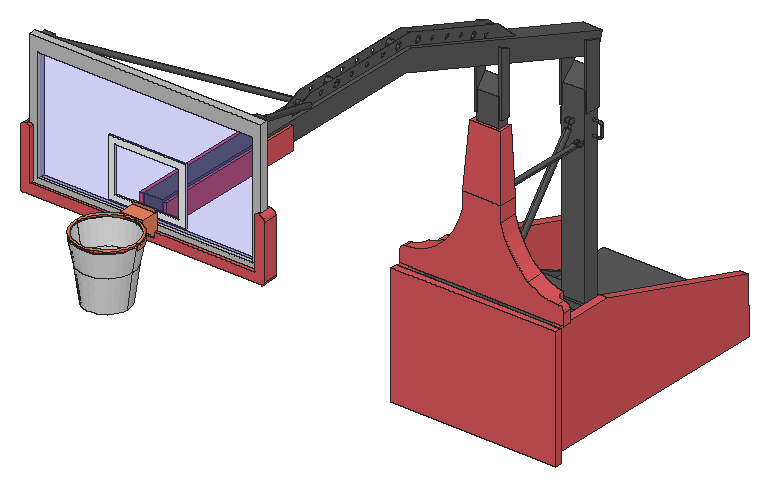
Revit family "Gymnasium-Eqpt_Basketball_IPIbybison_BA8910IG", category Specialty Equipment, Revit 2018 (continued)
Automatic sketch dimensions
  Extrusion 26 sketch curve to plane 4 = 4' - 4.20177"
  Extrusion 26 sketch curve to Extrusion 26 sketch curve = 0' - 0.31039"
  Extrusion 26 sketch curve to Extrusion 26 sketch curve = 0' - 0 1/2"
  Extrusion 26 sketch curve to Extrusion 26 sketch curve = 0' - 3.62662"
  Extrusion 26 sketch curve to Extrusion 26 sketch curve = 0' - 2.11501"
  Extrusion 26 sketch curve to Extrusion 26 sketch curve = 0' - 3.63191"
  Extrusion 26 sketch curve to Extrusion 26 sketch curve = 0' - 1.52623"
  Extrusion 26 sketch curve to Extrusion 26 sketch curve = 0' - 2.98608"
  Extrusion 26 sketch curve to Extrusion 26 sketch curve = 0' - 6"  (x5)
  Extrusion 26 sketch curve to Extrusion 26 sketch curve = 0' - 4.56281"
  Extrusion 26 sketch curve to Extrusion 26 sketch curve = 0' - 0.00933"
  Extrusion 26 sketch curve to Extrusion 26 sketch curve = 0' - 0.13531"
  Extrusion 26 sketch curve to Extrusion 26 sketch curve = 0' - 1.38595"
  Extrusion 26 sketch curve to Extrusion 26 sketch curve = 0' - 2.99331"
  Extrusion 26 sketch curve to Extrusion 26 sketch curve = 0' - 5.62314"  (x3)
  Extrusion 26 sketch curve to plane 11 = 0' - 2.17898"
  plane 10 to Extrusion 26 sketch curve = 0' - 0.72915"
  Extrusion 26 sketch curve to plane 23 = 0' - 0.27863"
  plane 23 to Extrusion 26 sketch curve = 0' - 1.11665"
  Extrusion 26 sketch curve to Extrusion 26 sketch curve = 0' - 1.32425"
  plane 1 "Center (Front/Back)" to Extrusion 26 sketch curve = 0' - 2.81384"
  Extrusion 26 sketch curve to plane 1 "Center (Front/Back)" = 0' - 0.3393"
  Extrusion 26 sketch curve to Extrusion 26 sketch curve = 0' - 0.33994"
  Extrusion 26 sketch curve to Extrusion 26 sketch curve = 0' - 0.16003"
  Extrusion 26 sketch curve to plane 25 = 4' - 10.88471"
  Extrusion 26 sketch curve to Extrusion 26 sketch curve = 0' - 0.08759"
  Extrusion 26 sketch curve to Extrusion 26 sketch curve = 0' - 0.29877"
  Extrusion 26 sketch curve to Extrusion 26 sketch curve = 0' - 0.25123"
  Extrusion 26 sketch curve to Extrusion 26 sketch curve = 0' - 1.51618"
  Extrusion 26 sketch curve to Extrusion 26 sketch curve = 0' - 0.01399"  (x4)
  Extrusion 26 sketch curve to Extrusion 26 sketch curve = 0' - 1.49855"
  Extrusion 26 sketch curve to Extrusion 26 sketch curve = 0' - 2.20196"
  Extrusion 26 sketch curve to Extrusion 26 sketch curve = 0' - 0.22889"
  Extrusion 26 sketch curve to Extrusion 26 sketch curve = 0' - 2.77757"
  Extrusion 26 sketch curve to Extrusion 26 sketch curve = 0' - 0.46149"
  Extrusion 26 sketch curve to Extrusion 26 sketch curve = 0' - 0.51001"
  Extrusion 26 sketch curve to Extrusion 26 sketch curve = 0' - 2.09291"  (x4)
  Extrusion 26 sketch curve to Extrusion 26 sketch curve = 0' - 0.84911"
  Extrusion 26 sketch curve to Extrusion 26 sketch curve = 0' - 0.81547"
  Extrusion 26 sketch curve to Extrusion 26 sketch curve = 0' - 2.50495"
  Extrusion 26 sketch curve to Extrusion 26 sketch curve = 0' - 3.67645"
  Extrusion 26 sketch curve to Extrusion 26 sketch curve = 0' - 1.55384"
  Extrusion 26 sketch curve to Extrusion 26 sketch curve = 0' - 0.36666"
  Extrusion 26 sketch curve to Extrusion 26 sketch curve = 0' - 0.36507"
  Extrusion 27 sketch curve to plane 32 = 0' - 0"
  plane 33 to Extrusion 27 sketch curve = 0' - 0"
  Extrusion 27 sketch curve to plane 25 = 4' - 0 47/256"
  Extrusion 27 sketch curve to Extrusion 27 sketch curve = 0' - 5 3/4"  (x2)
  Extrusion 28 sketch curve to plane 17 = 0' - 0"
  level to Extrusion 28 sketch curve = 1' - 9.31057"
  Extrusion 28 sketch curve to plane 25 = 1' - 2.67172"
  Extrusion 28 sketch curve to Extrusion 28 sketch curve = 0' - 3.91441"
  Extrusion 29 sketch curve to plane 25 = 0' - 8 1/4"
  Extrusion 29 sketch curve to Extrusion 29 sketch curve = 1' - 6.93802"
  Extrusion 29 sketch curve to Extrusion 29 sketch curve = 0' - 1.41678"
  Extrusion 30 sketch curve to plane 17 = 0' - 0"
  Extrusion 30 sketch curve to plane 25 = 2' - 4.6048"
  Extrusion 30 sketch curve to Extrusion 30 sketch curve = 0' - 1.41678"
  Extrusion 30 sketch curve to plane 25 = 0' - 8 1/4"
  Extrusion 31 sketch curve to plane 23 = 0' - 0"
  Extrusion 31 sketch curve to Extrusion 31 sketch curve = 0' - 3.03829"
  Extrusion 31 sketch curve to plane 25 = 1' - 8.88993"
  Extrusion 31 sketch curve to Extrusion 31 sketch curve = 1' - 6.93802"
  Extrusion 31 sketch curve to Extrusion 31 sketch curve = 0' - 1.41678"
  Extrusion 32 sketch curve to plane 23 = 0' - 0"
  Extrusion 32 sketch curve to Extrusion 32 sketch curve = 0' - 3.03829"
  Extrusion 32 sketch curve to plane 25 = 3' - 5.24473"
  Extrusion 32 sketch curve to Extrusion 32 sketch curve = 0' - 1.41678"
  Extrusion 32 sketch curve to Extrusion 32 sketch curve = 1' - 6.93802"
  Sweep 33 sketch curve to plane 25 = 4' - 7.99635"
  Sweep 33 sketch curve to plane 25 = 7' - 4.7646"
  Sweep 33 sketch curve to Sweep 33 sketch curve = 5' - 7.18485"
  plane 36 to Sweep 33 sketch curve = 0' - 0"
  profile plane to Sweep 33 sketch curve = 0' - 0"
  plane 24 to Extrusion 34 sketch curve = 0' - 0.03232"
  Extrusion 34 sketch curve to plane 24 = 0' - 0.4409"  (x2)
  Extrusion 34 sketch curve to plane 4 = 0' - 0.78624"
  Extrusion 34 sketch curve to plane 25 = 7' - 5.47972"
  Extrusion 34 sketch curve to Extrusion 34 sketch curve = 0' - 0.07413"
  Extrusion 34 sketch curve to Extrusion 34 sketch curve = 0' - 1.97645"
  Extrusion 34 sketch curve to Extrusion 34 sketch curve = 0' - 0.2173"
  Sweep 35 sketch curve to plane 25 = 4' - 7.99635"
  Sweep 35 sketch curve to plane 25 = 7' - 4.7646"
  Sweep 35 sketch curve to Sweep 35 sketch curve = 5' - 7.18485"
  Sweep 35 sketch curve to profile plane = 0' - 0"
  profile plane to Sweep 35 sketch curve = 0' - 0"
  Extrusion 36 sketch curve to plane 23 = 0' - 0"
  Extrusion 36 sketch curve to Extrusion 36 sketch curve = 0' - 3.03829"
  Extrusion 36 sketch curve to plane 25 = 2' - 3.31165"
  Extrusion 36 sketch curve to Extrusion 36 sketch curve = 0' - 3.91441"
  Revolve 37 sketch curve to plane 14 = 0' - 0.4998"
  Revolve 37 sketch curve to plane 14 = 0' - 0 3/4"  (x2)
  Revolve 37 sketch curve to Revolve 37 sketch curve = 0' - 0.13244"  (x2)
  Revolve 37 sketch curve to Revolve 37 sketch curve = 0' - 0.47269"
  Revolve 37 sketch curve to Revolve 37 sketch curve = 0' - 0.2225"
  Revolve 37 sketch curve to Revolve 37 sketch curve = 0' - 0.20256"  (x2)
  Revolve 37 sketch curve to Revolve 37 sketch curve = 0' - 0.04"
  Revolve 37 sketch curve to plane 17 = 0' - 0.43879"
  Revolve 37 sketch curve to Revolve 37 sketch curve = 0' - 0.76258"  (x2)
  Revolve 37 sketch curve to Revolve 37 sketch curve = 0' - 0.69668"  (x2)
  Revolve 37 sketch curve to Revolve 37 sketch curve = 0' - 0.31228"  (x2)
  Revolve 37 sketch curve to Revolve 37 sketch curve = 0' - 0.12695"  (x2)
  plane 1 "Center (Front/Back)" to Revolve 37 sketch curve = 0' - 1.9498"
  Revolve 37 sketch curve to Revolve 37 sketch curve = 0' - 0.2502"
  Revolve 37 sketch curve to Revolve 37 sketch curve = 0' - 0.0912"
  plane 16 to Revolve 37 sketch curve = 0' - 2.6611"
  Extrusion 38 sketch curve to Extrusion 38 sketch curve = 0' - 0"  (x4)
  plane 26 to Extrusion 38 sketch curve = 0' - 0.11659"  (x2)
  plane 23 to Extrusion 38 sketch curve = 0' - 3.03844"
  plane 26 to Extrusion 38 sketch curve = 0' - 0.12532"  (x2)
  Extrusion 38 sketch curve to Extrusion 38 sketch curve = 0' - 0.86232"
  Extrusion 38 sketch curve to plane 27 = 0' - 0.02695"  (x2)
  Extrusion 38 sketch curve to Extrusion 38 sketch curve = 0' - 0.00633"  (x2)
  Extrusion 38 sketch curve to plane 25 = 0' - 0.17923"  (x2)
  Extrusion 38 sketch curve to plane 17 = 0' - 0.85346"
  plane 17 to Extrusion 38 sketch curve = 0' - 0.02152"
  Extrusion 38 sketch curve to plane 25 = 0' - 0.18809"  (x2)
  plane 28 to Revolve 39 sketch curve = 0' - 0.25609"
  plane 14 to Revolve 39 sketch curve = 0' - 0 1/4"
  Revolve 39 sketch curve to plane 33 = 0' - 0.114"
  Revolve 39 sketch curve to plane 17 = 0' - 1.28891"
  Revolve 39 sketch curve to plane 17 = 0' - 1.10603"
  Revolve 39 sketch curve to Revolve 39 sketch curve = 0' - 0.25937"
  Revolve 39 sketch curve to plane 3 "Center (Left/Right)" = 0' - 0.31417"
  Revolve 39 sketch curve to Revolve 39 sketch curve = 0' - 0"
  Revolve 39 sketch curve to plane 17 = 0' - 0.84666"
  Extrusion 40 sketch curve to Extrusion 40 sketch curve = 0' - 0"  (x4)
  plane 26 to Extrusion 40 sketch curve = 0' - 0.11659"  (x2)
  plane 23 to Extrusion 40 sketch curve = 0' - 3.03844"
  plane 26 to Extrusion 40 sketch curve = 0' - 0.12532"  (x2)
  Extrusion 40 sketch curve to Extrusion 40 sketch curve = 0' - 0.86232"
  Extrusion 40 sketch curve to plane 27 = 0' - 0.02695"  (x2)
  Extrusion 40 sketch curve to Extrusion 40 sketch curve = 0' - 0.00633"  (x2)
  Extrusion 40 sketch curve to plane 25 = 0' - 0.17923"  (x2)
  Extrusion 40 sketch curve to plane 17 = 0' - 0.85346"
  plane 17 to Extrusion 40 sketch curve = 0' - 0.02152"
  Extrusion 40 sketch curve to plane 25 = 0' - 0.18809"  (x2)
  plane 28 to Revolve 41 sketch curve = 0' - 0.25609"
  plane 14 to Revolve 41 sketch curve = 0' - 0 1/4"
  Revolve 41 sketch curve to plane 33 = 0' - 0.114"
  plane 23 to Revolve 41 sketch curve = 0' - 3.47796"
  Revolve 41 sketch curve to Revolve 41 sketch curve = 0' - 0.18288"
  Revolve 41 sketch curve to Revolve 41 sketch curve = 0' - 0.25937"
  Revolve 41 sketch curve to plane 3 "Center (Left/Right)" = 0' - 0.31417"
  Revolve 41 sketch curve to Revolve 41 sketch curve = 0' - 0"  (x2)
  plane 23 to Revolve 42 sketch curve = 0' - 3.57142"
  Revolve 42 sketch curve to Revolve 42 sketch curve = 0' - 0.13503"
  Revolve 42 sketch curve to Revolve 42 sketch curve = 0' - 1.34124"
  Revolve 42 sketch curve to plane 17 = 0' - 0.70218"
  Revolve 42 sketch curve to Revolve 42 sketch curve = 0' - 0.03205"
  Revolve 42 sketch curve to Revolve 42 sketch curve = 0' - 0.10221"  (x2)
  Revolve 42 sketch curve to Revolve 42 sketch curve = 0' - 0.1085"
  Revolve 42 sketch curve to plane 17 = 0' - 0.49607"
  Revolve 42 sketch curve to Revolve 42 sketch curve = 0' - 0.16653"  (x2)
  Revolve 42 sketch curve to Revolve 42 sketch curve = 0' - 0.10934"
  Revolve 42 sketch curve to Revolve 42 sketch curve = 0' - 0.62543"
  Revolve 42 sketch curve to Revolve 42 sketch curve = 0' - 1.39567"
  Revolve 42 sketch curve to Revolve 42 sketch curve = 0' - 0.61454"
  Revolve 42 sketch curve to Revolve 42 sketch curve = 0' - 0.03371"
  Revolve 42 sketch curve to Revolve 42 sketch curve = 0' - 0.7589"
  Revolve 42 sketch curve to Revolve 42 sketch curve = 0' - 0.04163"
  Extrusion 43 sketch curve to Extrusion 43 sketch curve = 0' - 0"  (x5)
  plane 23 to Extrusion 43 sketch curve = 0' - 3.03844"
  Extrusion 43 sketch curve to Extrusion 43 sketch curve = 0' - 0.86232"
  Extrusion 43 sketch curve to Extrusion 43 sketch curve = 0' - 0.00633"  (x4)
  Extrusion 43 sketch curve to plane 17 = 0' - 0.85346"
  plane 17 to Extrusion 43 sketch curve = 0' - 0.02152"
  Extrusion 43 sketch curve to Extrusion 43 sketch curve = 0' - 0.00873"  (x2)
  Extrusion 43 sketch curve to Extrusion 43 sketch curve = 0' - 0.62497"  (x2)
  Extrusion 43 sketch curve to Extrusion 43 sketch curve = 0' - 0.00886"  (x2)
  Extrusion 43 sketch curve to plane 25 = 0' - 4.4293"
  Extrusion 44 sketch curve to Extrusion 44 sketch curve = 0' - 0"  (x5)
  plane 23 to Extrusion 44 sketch curve = 0' - 3.03844"
  Extrusion 44 sketch curve to Extrusion 44 sketch curve = 0' - 0.86232"
  Extrusion 44 sketch curve to Extrusion 44 sketch curve = 0' - 0.00633"  (x4)
  Extrusion 44 sketch curve to plane 17 = 0' - 0.85346"
  plane 17 to Extrusion 44 sketch curve = 0' - 0.02152"
  Extrusion 44 sketch curve to plane 25 = 0' - 5.68809"
  Extrusion 44 sketch curve to Extrusion 44 sketch curve = 0' - 0.00886"  (x2)
  Extrusion 44 sketch curve to Extrusion 44 sketch curve = 0' - 0.62497"  (x2)
  Extrusion 44 sketch curve to Extrusion 44 sketch curve = 0' - 0.00873"  (x2)
  Sweep 45 sketch curve to plane 31 = 0' - 2.7015"
  Sweep 45 sketch curve to Sweep 45 sketch curve = 0' - 0.49997"
  Sweep 45 sketch curve to Sweep 45 sketch curve = 0' - 0 1/2"
  plane 25 to Sweep 45 sketch curve = 0' - 0.73812"
  Sweep 45 sketch curve to Sweep 45 sketch curve = 0' - 3.56179"
  Sweep 45 sketch curve to plane 31 = 0' - 0.02835"  (x2)
  Sweep 45 sketch curve to profile plane = 0' - 0"
  Sweep 45 sketch curve to plane 1 "Center (Front/Back)" = 2' - 4.98467"
  Extrusion 46 sketch curve to Extrusion 46 sketch curve = 0' - 2 1/2"
  Extrusion 46 sketch curve to Extrusion 46 sketch curve = 0' - 2.46138"
  plane 10 to Extrusion 46 sketch curve = 0' - 1.44642"
  plane 23 to Extrusion 46 sketch curve = 0' - 3.03829"
  Extrusion 46 sketch curve to Extrusion 46 sketch curve = 0' - 3.03829"
  plane 13 to Extrusion 47 sketch curve = 0' - 0"
  plane 26 to Extrusion 47 sketch curve = 0' - 0.40099"
  plane 13 to Extrusion 47 sketch curve = 0' - 2.72689"
  plane 8 to Extrusion 47 sketch curve = 0' - 1.25525"
  plane 30 to Extrusion 47 sketch curve = 0' - 2 1/2"
  plane 25 to Extrusion 47 sketch curve = 0' - 7.19735"
  Extrusion 47 sketch curve to Extrusion 47 sketch curve = 0' - 5.04044"
  Extrusion 47 sketch curve to Extrusion 47 sketch curve = 0' - 8.54044"
  Extrusion 48 sketch curve to plane 26 = 0' - 0.29129"
  Extrusion 48 sketch curve to plane 12 = 0' - 2.52594"
  plane 12 to Extrusion 48 sketch curve = 0' - 0.21012"
  plane 7 to Extrusion 48 sketch curve = 0' - 1.17461"
  Extrusion 48 sketch curve to plane 31 = 0' - 2.46138"
  Extrusion 48 sketch curve to plane 25 = 0' - 7.13445"
  Extrusion 48 sketch curve to Extrusion 48 sketch curve = 0' - 5.07418"
  Extrusion 48 sketch curve to Extrusion 48 sketch curve = 0' - 8.60395"
  Blend 49 sketch curve to Blend 49 sketch curve = 0' - 1 1/4"
  Blend 49 sketch curve to Blend 49 sketch curve = 0' - 1.21138"
  Blend 49 sketch curve to plane 23 = 0' - 1.05358"
  level to Extrusion 9 sketch curve = 0' - 1.94911"
  Extrusion 9 sketch curve to Extrusion 9 sketch curve = 0' - 7.46387"
  Extrusion 8 sketch curve to plane 21 = 0' - 7.46387"
  Extrusion 8 sketch curve to plane 21 = 0' - 5.44562"
  plane 22 to Extrusion 23 sketch curve = 0' - 7.19837"
  Extrusion 23 sketch curve to Extrusion 23 sketch curve = 0' - 3.91329"
  plane 17 to Extrusion 1 sketch curve = 0' - 5.18595"
  Extrusion 1 sketch curve to Extrusion 1 sketch curve = 0' - 2.23127"
  plane 17 to Extrusion 2 sketch curve = 0' - 8.3575"  (x2)
  Extrusion 7 sketch curve to Extrusion 7 sketch curve = 0' - 3.99871"
  Extrusion 7 sketch curve to Extrusion 7 sketch curve = 0' - 1.50363"
  Extrusion 28 sketch curve to Extrusion 28 sketch curve = 0' - 4.49871"
  Extrusion 29 sketch curve to Extrusion 29 sketch curve = 0' - 4.49871"
  Extrusion 30 sketch curve to Extrusion 30 sketch curve = 0' - 4.49871"
  plane 26 to Extrusion 3 sketch curve = 2' - 2.88501"
  plane 26 to Extrusion 4 sketch curve = 2' - 2.88501"
  plane 26 to Extrusion 5 sketch curve = 2' - 2.88501"
  level to Extrusion 6 sketch curve = 2' - 5.06057"
  Extrusion 9 sketch curve to Extrusion 9 sketch curve = 1' - 7 223/256"
  level to Extrusion 10 sketch curve = 2' - 7.67588"
  level to Extrusion 36 sketch curve = 2' - 5.7005"
  plane 26 to Revolve 42 sketch curve = 2' - 7.57462"
  plane 26 to Extrusion 43 sketch curve = 2' - 6.36652"
  plane 26 to Extrusion 44 sketch curve = 2' - 6.36652"
  plane 8 to Extrusion 47 sketch curve = 0' - 1.12707"
  Extrusion 47 sketch curve to Extrusion 47 sketch curve = 1' - 5.18714"
  plane 7 to Extrusion 48 sketch curve = 0' - 1.19979"
  Extrusion 48 sketch curve to Extrusion 48 sketch curve = 1' - 5.16617"
  Extrusion 50 sketch curve to plane 13 = 0' - 0"
  Extrusion 50 sketch curve to plane 23 = 0' - 0"  (x2)
  Extrusion 50 sketch curve to plane 12 = 0' - 0"
  plane 8 to Extrusion 50 sketch curve = 0' - 1.25525"
  Extrusion 50 sketch curve to plane 19 = 0' - 0.64504"
  Extrusion 50 sketch curve to plane 20 = 0' - 0.39504"
  Extrusion 50 sketch curve to plane 7 = 0' - 1.24475"
  Extrusion 50 sketch curve to Extrusion 50 sketch curve = 0' - 2.85556"  (x2)
  radius of Sweep 12 sketch curve = 0' - 0 1/4"
  radius of Extrusion 24 sketch curve = 0' - 0 33/128"  (x2)
  radius of Extrusion 24 sketch curve = 0' - 0.805"  (x8)
  radius of Extrusion 24 sketch curve = 0' - 0.97"  (x4)
  radius of Extrusion 25 sketch curve = 0' - 0.95"  (x4)
  radius of Extrusion 25 sketch curve = 0' - 0.805"  (x4)
  radius of Extrusion 26 sketch curve = 0' - 0 33/128"  (x2)
  radius of Extrusion 26 sketch curve = 0' - 0.805"  (x8)
  radius of Extrusion 26 sketch curve = 0' - 0.97"  (x4)
  radius of Sweep 33 sketch curve = 0' - 0 3/4"
  radius of Sweep 35 sketch curve = 0' - 0 3/4"
  radius of Extrusion 38 sketch curve = 0' - 0 1/4"  (x2)
  radius of Extrusion 40 sketch curve = 0' - 0 1/4"  (x2)
  radius of Extrusion 43 sketch curve = 0' - 0 1/4"  (x2)
  radius of Extrusion 44 sketch curve = 0' - 0 1/4"  (x2)
  radius of Sweep 45 sketch curve = 0' - 0 1/4"
Nested families (in)
  nested 1: "Backboard_BA42XLGlass" at (0.01418, -128.29115, 120) x (-1, 0, 0) z (0, 0, 1), backboard color <- "Backboard Color", backboard square color <- "Backboard Square Color", glass <- "Glass", rim finish <- "Rim Color", net color <- "Net Color", padding color <- "Backboard Padding Color", type "Backboard_BA42XLGlass"
    with rim finish Plastic - IPI by Bison - Orange OR, padding color Plastic - IPI by Bison - Scarlet SC, net color Finish - IPI by Bison - White Netting, height offset 10' - 0", glass Glass, frame finish none, backboard square color Finish - IPI by Bison - White, backboard color Finish - IPI by Bison - Satin Aluminum
Definition of nested family "Backboard_BA42XLGlass"
  Parameters (values of type "Backboard_BA42XLGlass")
    padding color [instance] = none
    net color [instance] = none
    rim finish [instance] = none
    height offset [instance] = 9' - 6"
    glass [instance] = none
    frame finish [instance] = none
    backboard square color [instance] = none
    backboard color [instance] = none
    Default Elevation = 4' - 0"
  Reference planes (in)
    plane 1 "Center (Front/Back)": y = 0
    plane 2: z = 0
    plane 3 "Center (Left/Right)": x = 0
    plane 4: z = -114
  Forms (in)
    Extrusion 1, solid, material <- "backboard color"
      sketch origin (-8.43545, 11.2937, 28.94441) x (1, 0, 0) y (0, 0, 1)
        loop
          line (-27.56455, 6.99989) -> (-27.56455, -35.00011) -> (44.43545, -35.00011) -> (44.43545, 6.99989) -> (-27.56455, 6.99989)
        loop
          line (41.81045, 2.74989) -> (-24.93955, 2.74989) -> (-24.93955, -32.37511) -> (41.81045, -32.37511) -> (41.81045, 2.74989)
      from 1.125 to -1.125
    Extrusion 2, solid, material <- "padding color"
      sketch origin (-8.43545, 11.2937, 29.06941) x (1, 0, 0) y (0, 0, 1)
        loop
          line (-27.55038, -17.62511) -> (-27.80038, -17.62511)
          arc (-27.80038, -17.62511) -> (-29.03781, -18.13767) -> (-29.55038, -19.37511) r 1.75
          line (-29.55038, -19.37511) -> (-29.55038, -36.12511)
          arc (-29.55038, -36.12511) -> (-29.25748, -36.83222) -> (-28.55038, -37.12511) r 1
          line (-28.55038, -37.12511) -> (45.44962, -37.12511)
          arc (45.44962, -37.12511) -> (46.15673, -36.83222) -> (46.44962, -36.12511) r 1
          line (46.44962, -36.12511) -> (46.44962, -19.37511)
          arc (46.44962, -19.37511) -> (45.93706, -18.13767) -> (44.69962, -17.62511) r 1.75
          line (44.69962, -17.62511) -> (44.42127, -17.62511)
          arc (44.42127, -17.62511) -> (43.71416, -17.918) -> (43.42127, -18.62511) r 1
          line (43.42127, -18.62511) -> (43.42127, -33.98376) -> (-26.55038, -33.98376) -> (-26.55038, -18.62511)
          arc (-26.55038, -18.62511) -> (-26.84327, -17.918) -> (-27.55038, -17.62511) r 1
      from -2.18697 to 2.14819
    Revolve 3, solid, material <- "net color"
      sketch origin (-8.43545, 27.4812, 28.93687) x (1, 0, 0) y (0, 0, 1)
        loop
          circle (-0.85808, -29.24642) r 0.3125
        loop
          line (-1.03195, -29.9762) -> (0.27041, -37.36226) -> (1.80132, -48.25521) -> (2.05377, -48.25521) -> (0.51737, -37.32314) -> (-0.77809, -29.9762) -> (-1.03195, -29.9762)
        axis (8.43545, -48.25521) -> (8.43545, -29.24642)
      angle from 0 to 360
    Revolve 4, solid, material <- "rim finish"
      sketch origin (0.02792, 11.2937, 0) x (0, 1, 0) y (0, 0, 1)
        loop
          line (6.79001, -0.625) -> (6.54001, -0.625) -> (6.54001, -2.125) -> (6.79001, -2.125) -> (6.79001, -0.625)
        axis (16.04001, -2.125) -> (16.04001, -0.625)
      angle from -90 to 90
    Extrusion 5, solid, material <- "rim finish"
      sketch origin (0, 0, 0) x (0, 1, 0) y (0, 0, 1)
        loop
          line (17.69724, 0) -> (12.8212, 0) -> (13.12361, 1.21287) -> (12.79369, 1.29513) -> (12.47078, 0) -> (12.47078, -6.5) -> (13.63137, -6.5) -> (17.69724, -2.43414) -> (17.69724, 0)
      from -3.50075 to 3.49925
    Extrusion 6, solid, material <- "backboard square color"
      sketch origin (0.02792, 11.2937, 0) x (1, 0, 0) y (0, 0, 1)
        loop
          line (-12.02792, 16.0023) -> (-12.02792, -1.9977) -> (11.97208, -1.9977) -> (11.97208, 16.0023) -> (-12.02792, 16.0023)
        loop
          line (-10.02792, 14.0023) -> (-10.02792, 0) -> (9.97208, 0) -> (9.97208, 14.0023) -> (-10.02792, 14.0023)
      from -0.44333 to 0.05679
    Extrusion 7, solid, material <- "glass"
      sketch origin (0.02792, 11.2937, 0) x (1, 0, 0) y (0, 0, 1)
        loop
          line (-33.40292, 31.6943) -> (-33.40292, -3.4307) -> (33.34708, -3.4307) -> (33.34708, 31.6943) -> (-33.40292, 31.6943)
      from -0.405 to 0
  Lines and regions (in)
    model lines
      curve 1: line (-0.00075, 0, 0) -> (-0.00075, 0, -114)
  Dimensions and locks (in)
    "height offset": level to plane 4
    aligned and locked: plane 2 to level
    aligned and locked: plane 4 to curve 1
  Automatic sketch dimensions
    curve 1 to level = 0' - 0"
    curve 1 to plane 3 "Center (Left/Right)" = 0' - 0.00075"
    Extrusion 1 sketch curve to plane 3 "Center (Left/Right)" = 3' - 0"
    Extrusion 1 sketch curve to Extrusion 1 sketch curve = 0' - 2 5/8"  (x2)
    plane 3 "Center (Left/Right)" to Extrusion 1 sketch curve = 2' - 9 3/8"
    Extrusion 1 sketch curve to level = 0' - 6.0557"
    Extrusion 1 sketch curve to level = 0' - 3.4307"
    level to Extrusion 1 sketch curve = 2' - 7.6943"
    Extrusion 1 sketch curve to Extrusion 1 sketch curve = 0' - 4 1/4"
    level to Extrusion 2 sketch curve = 0' - 9.6943"
    Extrusion 2 sketch curve to plane 3 "Center (Left/Right)" = 3' - 1.98582"
    Extrusion 2 sketch curve to Extrusion 2 sketch curve = 0' - 1"  (x4)
    Extrusion 2 sketch curve to Extrusion 2 sketch curve = 0' - 1 3/4"
    Extrusion 2 sketch curve to Extrusion 2 sketch curve = 0' - 0 1/4"
    level to Extrusion 2 sketch curve = 0' - 10.4443"
    plane 3 "Center (Left/Right)" to Extrusion 2 sketch curve = 2' - 10.98582"
    Extrusion 2 sketch curve to Extrusion 2 sketch curve = 0' - 0.27835"
    Extrusion 2 sketch curve to Extrusion 2 sketch curve = 0' - 2.02835"
    Extrusion 2 sketch curve to level = 0' - 4.91435"
    Extrusion 2 sketch curve to Extrusion 2 sketch curve = 0' - 2.14135"
    Revolve 3 sketch curve to plane 3 "Center (Left/Right)" = 0' - 0"
    Revolve 3 sketch curve to plane 3 "Center (Left/Right)" = 0' - 6.38167"
    Revolve 3 sketch curve to Revolve 3 sketch curve = 0' - 0.25246"
    Revolve 3 sketch curve to plane 3 "Center (Left/Right)" = 0' - 7.91808"
    Revolve 3 sketch curve to Revolve 3 sketch curve = 0' - 0.24696"
    Revolve 3 sketch curve to level = 0' - 1.03933"
    Revolve 3 sketch curve to Revolve 3 sketch curve = 0' - 1.0485"
    Revolve 3 sketch curve to level = 0' - 0.30954"
    Revolve 3 sketch curve to Revolve 3 sketch curve = 0' - 0.07999"
    Revolve 3 sketch curve to Revolve 3 sketch curve = 0' - 0.25386"
    Revolve 3 sketch curve to Revolve 3 sketch curve = 0' - 7.34694"
    Revolve 3 sketch curve to Revolve 3 sketch curve = 0' - 0.03911"
    Revolve 3 sketch curve to Revolve 3 sketch curve = 0' - 10.89295"
    Revolve 3 sketch curve to level = 0' - 0.00754"
    level to Revolve 3 sketch curve = 0' - 2.99246"
    Revolve 4 sketch curve to level = 0' - 2 1/8"
    Revolve 4 sketch curve to plane 1 "Center (Front/Back)" = 1' - 5.83371"
    Revolve 4 sketch curve to Revolve 4 sketch curve = 0' - 0 1/4"
    Revolve 4 sketch curve to level = 0' - 0 5/8"  (x2)
    Revolve 4 sketch curve to Revolve 4 sketch curve = 0' - 9 1/4"
    level to Revolve 4 sketch curve = 0' - 3 1/8"
    Extrusion 5 sketch curve to level = 0' - 0"  (x2)
    Extrusion 5 sketch curve to plane 1 "Center (Front/Back)" = 1' - 0.47078"
    level to Extrusion 5 sketch curve = 0' - 1.29513"
    Extrusion 5 sketch curve to Extrusion 5 sketch curve = 0' - 0.32291"
    Extrusion 5 sketch curve to Extrusion 5 sketch curve = 0' - 0.35043"
    Extrusion 5 sketch curve to Extrusion 5 sketch curve = 0' - 1.16059"
    Extrusion 5 sketch curve to Extrusion 5 sketch curve = 0' - 4.57363"
    Extrusion 5 sketch curve to Extrusion 5 sketch curve = 0' - 2.43414"
    Extrusion 5 sketch curve to Extrusion 5 sketch curve = 0' - 6 1/2"
    Extrusion 6 sketch curve to level = 0' - 0"
    Extrusion 6 sketch curve to level = 0' - 1.9977"
    Extrusion 6 sketch curve to plane 3 "Center (Left/Right)" = 1' - 0"
    Extrusion 6 sketch curve to Extrusion 6 sketch curve = 0' - 2"  (x3)
    plane 3 "Center (Left/Right)" to Extrusion 6 sketch curve = 0' - 10"
    Extrusion 6 sketch curve to Extrusion 6 sketch curve = 1' - 2.0023"
    Extrusion 7 sketch curve to plane 3 "Center (Left/Right)" = 2' - 9 3/8"
    Extrusion 7 sketch curve to level = 0' - 3.4307"
    plane 3 "Center (Left/Right)" to Extrusion 7 sketch curve = 2' - 9 3/8"
    level to Extrusion 7 sketch curve = 2' - 7.6943"
    radius of Revolve 3 sketch curve = 0' - 0 5/16"
